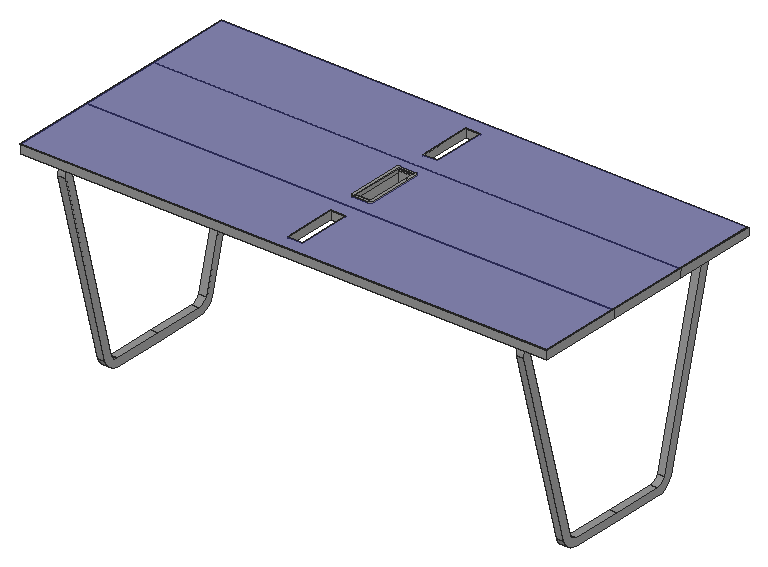
Revit family "mesa-trabajo", category Furniture, Revit 2015
Reference planes (m)
  plane 1 "Center (Front/Back)": y = 0
  plane 2: z = 0
  plane 3 "Center (Left/Right)": x = 0
Forms (m)
  Extrusion 1, solid, material "BLACK IRON"
    sketch origin (-0.775, 0, 0) x (0, 1, 0) y (0, 0, 1)
      loop
        line (0.346085, 0.7) -> (-0.346085, 0.7)
        arc (-0.346085, 0.7) -> (-0.377046, 0.686296) -> (-0.387718, 0.654164) r 0.041826
        line (-0.387718, 0.654164) -> (-0.222236, 0.036576)
        arc (-0.222236, 0.036576) -> (-0.200925, 0.011423) -> (-0.17, 0) r 0.064843
        line (-0.17, 0) -> (0, 0) -> (0.17, 0)
        arc (0.17, 0) -> (0.200925, 0.011423) -> (0.222236, 0.036576) r 0.064843
        line (0.222236, 0.036576) -> (0.387718, 0.654164)
        arc (0.387718, 0.654164) -> (0.377046, 0.686296) -> (0.346085, 0.7) r 0.041826
      loop
        line (-0.168642, 0.025) -> (0, 0.025) -> (0.168642, 0.025)
        arc (0.168642, 0.025) -> (0.186188, 0.031627) -> (0.198758, 0.045548) r 0.039843
        line (0.198758, 0.045548) -> (0.362911, 0.658174)
        arc (0.362911, 0.658174) -> (0.357983, 0.670072) -> (0.346085, 0.675) r 0.016826
        line (0.346085, 0.675) -> (-0.346085, 0.675)
        arc (-0.346085, 0.675) -> (-0.357983, 0.670072) -> (-0.362911, 0.658174) r 0.016826
        line (-0.362911, 0.658174) -> (-0.198758, 0.045548)
        arc (-0.198758, 0.045548) -> (-0.186188, 0.031627) -> (-0.168642, 0.025) r 0.039843
    from 0 to 0.025
  Extrusion 2, solid, material "BLACK IRON"
    sketch origin (0.775, 0, 0) x (0, 1, 0) y (0, 0, -1)
      loop
        arc (0.346085, -0.7) -> (0.377046, -0.686296) -> (0.387718, -0.654164) r 0.041826
        line (0.387718, -0.654164) -> (0.222236, -0.036576)
        arc (0.222236, -0.036576) -> (0.200925, -0.011423) -> (0.17, 0) r 0.064843
        line (0.17, 0) -> (0, 0) -> (-0.17, 0)
        arc (-0.17, 0) -> (-0.200925, -0.011423) -> (-0.222236, -0.036576) r 0.064843
        line (-0.222236, -0.036576) -> (-0.387718, -0.654164)
        arc (-0.387718, -0.654164) -> (-0.377046, -0.686296) -> (-0.346085, -0.7) r 0.041826
        line (-0.346085, -0.7) -> (0.346085, -0.7)
      loop
        arc (-0.168642, -0.025) -> (-0.186188, -0.031627) -> (-0.198758, -0.045548) r 0.039843
        line (-0.198758, -0.045548) -> (-0.362911, -0.658174)
        arc (-0.362911, -0.658174) -> (-0.357983, -0.670072) -> (-0.346085, -0.675) r 0.016826
        line (-0.346085, -0.675) -> (0.346085, -0.675)
        arc (0.346085, -0.675) -> (0.357983, -0.670072) -> (0.362911, -0.658174) r 0.016826
        line (0.362911, -0.658174) -> (0.198758, -0.045548)
        arc (0.198758, -0.045548) -> (0.186188, -0.031627) -> (0.168642, -0.025) r 0.039843
        line (0.168642, -0.025) -> (0, -0.025) -> (-0.168642, -0.025)
    from 0 to 0.025
  Extrusion 3, solid, material "madera bruta"
    sketch origin (-0.043319, 0.912045, 0.7) x (1, 0, 0) y (0, 1, 0)
      loop
        line (-0.831681, -0.492945) -> (-0.831681, -0.772345) -> (0.918319, -0.772345) -> (0.918319, -0.492945) -> (-0.831681, -0.492945)
      loop
        line (0.018319, -0.542945) -> (0.018319, -0.722345) -> (0.068319, -0.722345) -> (0.068319, -0.542945) -> (0.018319, -0.542945)
    from 0 to 0.0254
  Extrusion 4, solid, material "madera bruta"
    sketch origin (-0.043319, -0.912045, 0.7) x (1, 0, 0) y (0, 1, 0)
      loop
        line (-0.831681, 0.492945) -> (0.918319, 0.492945) -> (0.918319, 0.772345) -> (-0.831681, 0.772345) -> (-0.831681, 0.492945)
      loop
        line (0.018319, 0.542945) -> (0.068319, 0.542945) -> (0.068319, 0.722345) -> (0.018319, 0.722345) -> (0.018319, 0.542945)
    from 0 to 0.0254
  Extrusion 5, solid, material "madera bruta"
    sketch origin (-0.043319, 0.632645, 0.7) x (1, 0, 0) y (0, 1, 0)
      loop
        line (-0.831681, -0.492945) -> (-0.831681, -0.772345) -> (0.918319, -0.772345) -> (0.918319, -0.492945) -> (-0.831681, -0.492945)
      loop
        line (0.018319, -0.542945) -> (0.018319, -0.722345) -> (0.068319, -0.722345) -> (0.068319, -0.542945) -> (0.018319, -0.542945)
    from 0 to 0.0254
  Extrusion 6, solid, material "Glass"
    sketch origin (0, 0, 0.7254) x (1, 0, 0) y (0, 1, 0)
      loop
        line (-0.875, 0.4191) -> (-0.875, -0.4191) -> (0.875, -0.4191) -> (0.875, 0.4191) -> (-0.875, 0.4191)
      loop
        line (-0.025, 0.3691) -> (-0.025, 0.1897) -> (0.025, 0.1897) -> (0.025, 0.3691) -> (-0.025, 0.3691)
      loop
        line (-0.025, 0.0897) -> (-0.025, -0.0897) -> (0.025, -0.0897) -> (0.025, 0.0897) -> (-0.025, 0.0897)
      loop
        line (0.025, -0.1897) -> (-0.025, -0.1897) -> (-0.025, -0.3691) -> (0.025, -0.3691) -> (0.025, -0.1897)
    from 0 to 0.003
  Extrusion 7, solid, material "BLACK IRON"
    sketch origin (0, 0, 0.7284) x (1, 0, 0) y (0, 1, 0)
      loop
        line (-0.025, 0.0897) -> (-0.025, -0.0897) -> (0.025, -0.0897) -> (0.025, 0.0897) -> (-0.025, 0.0897)
      loop
        arc (-0.025, 0.0997) -> (-0.032071, 0.096771) -> (-0.035, 0.0897) r 0.01
        line (-0.035, 0.0897) -> (-0.035, -0.0897)
        arc (-0.035, -0.0897) -> (-0.032071, -0.096771) -> (-0.025, -0.0997) r 0.01
        line (-0.025, -0.0997) -> (0.025, -0.0997)
        arc (0.025, -0.0997) -> (0.032071, -0.096771) -> (0.035, -0.0897) r 0.01
        line (0.035, -0.0897) -> (0.035, 0.0897)
        arc (0.035, 0.0897) -> (0.032071, 0.096771) -> (0.025, 0.0997) r 0.01
        line (0.025, 0.0997) -> (-0.025, 0.0997)
    from 0 to 0.003
  Extrusion 8, solid, material "BLACK IRON"
    sketch origin (0, 0, 0) x (1, 0, 0) y (0, 1, 0)
      loop
        line (-0.025, 0.0897) -> (-0.025, -0.0897) -> (0.025, -0.0897) -> (0.025, 0.0897) -> (-0.025, 0.0897)
    from 0.654164 to 0.7284
  Extrusion 9, void
    sketch origin (0, 0, 0) x (1, 0, 0) y (0, 0, 1)
      loop
        line (-0.024448, 0.717502) -> (-0.020648, 0.663166)
        arc (-0.020648, 0.663166) -> (-0.019613, 0.660666) -> (-0.017113, 0.65963) r 0.003536
        line (-0.017113, 0.65963) -> (0, 0.65963) -> (0.017113, 0.65963)
        arc (0.017113, 0.65963) -> (0.019613, 0.660666) -> (0.020648, 0.663166) r 0.003536
        line (0.020648, 0.663166) -> (0.024448, 0.717502) -> (0.024448, 0.735172) -> (-0.024448, 0.735172) -> (-0.024448, 0.717502)
    from -0.086419 to 0.087171
Cuts and joins
  Extrusion 9 cuts Extrusion 8
Dimensions and locks (m)
  Extrusion 6 to Extrusion 5 = 0.2794 m
  Extrusion 6 to Extrusion 6 = 0.8382 m
  Extrusion 6 to Extrusion 6 = 1.75 m
  Extrusion 6 to Extrusion 6 = 0.1794 m  (x2)
  Extrusion 6 to Extrusion 6 = 0.05 m  (x2)
  Extrusion 7 to Extrusion 7 = 0.1794 m
  Extrusion 1 to Extrusion 1 = 0.775436 m
  Extrusion 4 to level = 0.70 m
  Extrusion 6 to Extrusion 4 = 0.0284 m
  Extrusion 4 to Extrusion 4 = 1.75 m
  Extrusion 7 to cut or joined group of Extrusion 8, Extrusion 9 = 0.077236 m
  Extrusion 4 to Extrusion 1 = 0.10 m
  Extrusion 4 to Extrusion 2 = 0.10 m
  Extrusion 2 to Extrusion 1 = 1.50 m
  Extrusion 2 to Extrusion 2 = 0.025 m
  Extrusion 1 to Extrusion 1 = 0.025 m
  aligned and locked: level to plane 2
